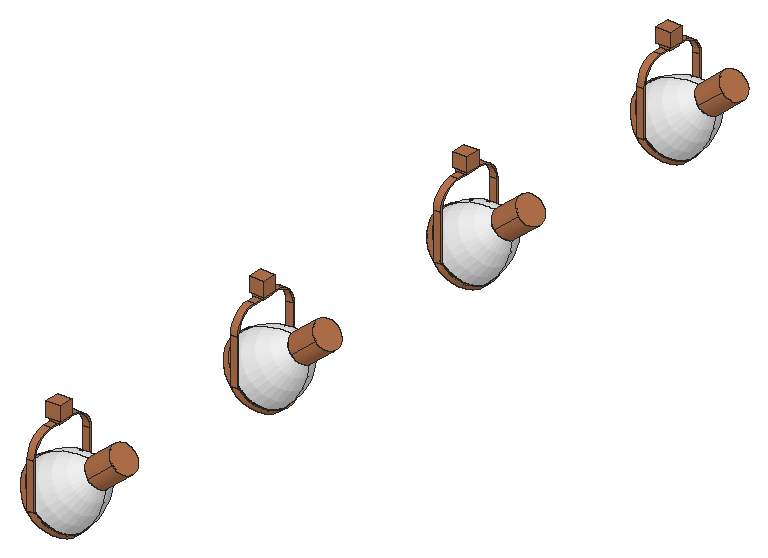
Revit family "Parametric_Track_Lighting_13968", category Lighting Fixtures, host Ceiling, Revit 2013
Parameters
  Wattage = 0 W
  built-in parameter 1150110 = 1 (stored number, unit not read)
  built-in parameter 1114217 = 1 (stored number, unit not read)
  built-in parameter 1150109 = 1 (stored number, unit not read)
  built-in parameter 1150134 = 3
  built-in parameter 1150113 = 1 (stored number, unit not read)
  built-in parameter 1150105 = (empty or 0)
  Lumens = 0 lm
  built-in parameter 1150115 = 1 (stored number, unit not read)
  Load Classification = Ltg
  Light Type = "REF"
  Light Spacing [instance] = 1' - 6"
  Light Source Symbol Size = 2' - 0"
  built-in parameter 1150137 = (empty or 0)
  built-in parameter 1150139 = (empty or 0)
  Length of Track [instance] = 6' - 0"
  built-in parameter 1150112 = 1 (stored number, unit not read)
  built-in parameter 1150114 = 1 (stored number, unit not read)
  built-in parameter 1150132 = 2
  built-in parameter 1150102 = (empty or 0)
  built-in parameter 1150107 = 3200 (stored number, unit not read)
  built-in parameter 1150138 = (empty or 0)
  built-in parameter 1150106 = (empty or 0)
  built-in parameter 1150104 = 13.8 (stored number, unit not read)
  Dimming Lamp Color Temperature Shift = (empty or 0)
  Color Filter = 16777215
  built-in parameter 1114218 = 1 (stored number, unit not read)
  built-in parameter 1150133 = 10 (stored number, unit not read)
  Assembly Code = ""
  Array Offset [instance] = Light Spacing / 2  # 0' - 9"
  Apparent Load = 100 VA
  # of Lights [instance] = Length of Track / Light Spacing  # 4
Reference planes (in)
  plane 1 "Light Source Axis (F/B)": y = -167.93011
  plane 2 "Ceiling": z = 96
  plane 3 "Light Source Axis (L/R)": x = 0
  plane 4 "Light Source Elevation": z = 92
  plane 5: y = -95.93011
  plane 6: y = -158.93011
Lines and regions (in)
  symbolic lines, style "Lighting Symbols"
    curve 1: line (-1, -167.93011, 0) -> (1, -167.93011, 0)
    curve 2: line (-1, -95.93011, 0) -> (-1, -167.93011, 0)
    curve 3: line (1, -167.93011, 0) -> (1, -95.93011, 0)
    curve 4: line (-3, -167.93011, 0) -> (3, -167.93011, 0)
    curve 5: line (-3, -166.93011, 0) -> (-3, -167.93011, 0)
    curve 6: line (3, -166.93011, 0) -> (-3, -166.93011, 0)
    curve 7: line (3, -167.93011, 0) -> (3, -166.93011, 0)
    curve 8: line (-3, -95.93011, 0) -> (3, -95.93011, 0)
    curve 9: line (-3, -96.93011, 0) -> (-3, -95.93011, 0)
    curve 10: line (3, -96.93011, 0) -> (-3, -96.93011, 0)
    curve 11: line (3, -95.93011, 0) -> (3, -96.93011, 0)
Dimensions and locks (in)
  equal spacing: host sketch curve, plane 3 "Light Source Axis (L/R)", host sketch curve
  equal spacing: host sketch curve, plane 1 "Light Source Axis (F/B)", host sketch curve
  host sketch curve to host sketch curve = 10' - 0"  (x2)
  equal spacing: host ceiling, plane 1 "Light Source Axis (F/B)", host ceiling, locked at 60 each
  equal spacing: host ceiling, plane 3 "Light Source Axis (L/R)", host ceiling, locked at 60 each
  "Length of Track": plane 1 "Light Source Axis (F/B)" to plane 5
  "Array Offset": plane 6 to plane 1 "Light Source Axis (F/B)"
  equal spacing: group 1, group 2, group 3, group 4  (x3)
  "Light Spacing": nested 2 to nested 1
  "Array Offset": plane 1 "Light Source Axis (F/B)" to plane 6
  aligned and locked: plane 1 "Light Source Axis (F/B)" to curve 1
  aligned and locked: plane 5 to curve 3
  aligned and locked: nested 1 to plane 6
  aligned and locked: imposter light to plane 3 "Light Source Axis (L/R)"
  aligned and locked: plane 1 "Light Source Axis (F/B)" to imposter light
  aligned and locked: plane 4 "Light Source Elevation" to imposter light
Automatic sketch dimensions
  curve 5 to plane 1 "Light Source Axis (F/B)" = 0' - 0"
  curve 6 to plane 1 "Light Source Axis (F/B)" = 0' - 1"
  curve 6 to plane 3 "Light Source Axis (L/R)" = 0' - 3"
  plane 3 "Light Source Axis (L/R)" to curve 1 = 0' - 1"
  curve 1 to curve 6 = 0' - 2"
  plane 5 to curve 10 = 0' - 1"
  curve 10 to plane 3 "Light Source Axis (L/R)" = 0' - 3"
  curve 2 to plane 3 "Light Source Axis (L/R)" = 0' - 1"
  curve 3 to curve 10 = 0' - 2"
Nested families (in)
  nested 1: "Gimble_Ring_Track_Head_6214" at (0, -158.93011, 36.04159), type "Gimble_Ring_Track_Head_6214"
  nested 2: "Gimble_Ring_Track_Head_6214" at (0, -140.93011, 36.04159), type "Gimble_Ring_Track_Head_6214"
  nested 3: "Gimble_Ring_Track_Head_6214" at (0, -122.93011, 36.04159), type "Gimble_Ring_Track_Head_6214"
  nested 4: "Gimble_Ring_Track_Head_6214" at (0, -104.93011, 36.04159), type "Gimble_Ring_Track_Head_6214"
Connectors (in)
  electrical at (0, -167.93011, 96), driven by "Load Classification"
    settings: on host ceiling, index 1, voltage 230 V, apparent load 0 VA, apparent load phase1 100 VA, apparent load phase2 0 VA, apparent load phase3 0 VA, power factor 0.9, load classification "Ltg", number of poles 1, system type 31, power factor state 1, is connector primary yes, connector utility no, sub classification motor no, connector description ""
Definition of nested family "Gimble_Ring_Track_Head_6214"
  Parameters (values of type "Gimble_Ring_Track_Head_6214")
    Wattage = 12.1178 W
    built-in parameter 1150110 = 1 (stored number, unit not read)
    built-in parameter 1114217 = 1 (stored number, unit not read)
    Tilt Angle = 60.00°
    built-in parameter 1150109 = 1 (stored number, unit not read)
    built-in parameter 1150134 = 3
    built-in parameter 1150113 = 1 (stored number, unit not read)
    built-in parameter 1010507 = 1.5708 (stored number, unit not read)
    built-in parameter 1010506 = 0.5236 (stored number, unit not read)
    built-in parameter 1150105 = 6018.4 (stored number, unit not read)
    Lumens = 1800 lm
    built-in parameter 1150115 = 1 (stored number, unit not read)
    Light Source Symbol Length = 10' - 0"
    built-in parameter 1150137 = (empty or 0)
    built-in parameter 1150139 = (empty or 0)
    Light Body = Light Body
    built-in parameter 1150112 = 1 (stored number, unit not read)
    built-in parameter 1150114 = 1 (stored number, unit not read)
    built-in parameter 1150132 = 2
    built-in parameter 1150102 = (empty or 0)
    built-in parameter 1150107 = 3200 (stored number, unit not read)
    built-in parameter 1150138 = (empty or 0)
    built-in parameter 1150106 = 60.184 (stored number, unit not read)
    built-in parameter 1150104 = 13.8 (stored number, unit not read)
    Dimming Lamp Color Temperature Shift = (empty or 0)
    Color Filter = 16777215
    built-in parameter 1114218 = 1 (stored number, unit not read)
    built-in parameter 1150133 = 10 (stored number, unit not read)
  Reference planes (in)
    plane 1 "Light Source Axis (F/B)": y = 0
    plane 2: z = 0
    plane 3 "Light Source Axis (L/R)": x = 0
    plane 4 "Light Source Elevation": z = 54
    plane 5 "Top": z = 60
  Forms (in)
    Extrusion 1, solid, material "Light Body" <- "Light Body"
      sketch origin (0.19032, 0, 60) x (1, 0, 0) y (0, 1, 0)
        loop
          line (0.5, 0.5) -> (-0.5, 0.5) -> (-0.5, -0.5) -> (0.5, -0.5) -> (0.5, 0.5)
      from 0 to -1
    Extrusion 2, solid, material "Light Body" <- "Light Body"
      sketch origin (0.19032, 0, 60) x (1, 0, 0) y (0, 1, 0)
        loop
          line (0.375, 0.375) -> (-0.375, 0.375) -> (-0.375, -0.375) -> (0.375, -0.375) -> (0.375, 0.375)
      from -1 to -1.25
    Sweep 3, solid, material "Light Body" <- "Light Body"
      path origin (0.19032, 0, 0) x (0, -1, 0) y (0, 0, 1)
        loop
          line (-2.5, 54) -> (-2.5, 57.25)
          arc (-2.5, 57.25) -> (-2.06066, 58.31066) -> (-1, 58.75) r 1.5
          line (-1, 58.75) -> (1, 58.75)
          arc (1, 58.75) -> (2.06066, 58.31066) -> (2.5, 57.25) r 1.5
          line (2.5, 57.25) -> (2.5, 54)
      profile origin (0.19032, 2.5, 55.625) x (0, 1, 0) y (-1, 0, 0)
        loop
          line (0, 0.25) -> (-0.0625, 0.25) -> (-0.0625, -0.25) -> (0, -0.25) -> (0, 0.25)
    Sweep 4, solid, material "Light Body" <- "Light Body"
      path origin (34.90085, 0, 12.6336) x (0, -1, 0) y (-0.642788, 0, 0.766044)
        loop
          circle (0, 54) r 2.4375
      profile origin (-1.37647, 0, 55.86723) x (0.642788, 0, -0.766044) y (-0.766044, 0, -0.642788)
        loop
          line (0, -0.25) -> (0, 0.25) -> (-0.05063, 0.25) -> (-0.05063, -0.25) -> (0, -0.25)
    Extrusion 5, solid, material "Light Body" <- "Light Body"
      sketch origin (34.90085, 0, 12.6336) x (0, -1, 0) y (-0.642788, 0, 0.766044)
        loop
          circle (0, 54) r 1
      from -6 to -3.75
    Revolve 6, solid, material "Lighting - Lamp Reflector"
      sketch origin (34.90085, 0, 12.6336) x (0.766044, 0, 0.642788) y (-0.642788, 0, 0.766044)
        loop
          arc (0.24608, 51.57437) -> (2.07979, 52.00353) -> (3.62468, 53.08055) r 5
          line (3.62468, 53.08055) -> (3.75, 53.08055) -> (3.75, 53.14305) -> (3.59822, 53.14305)
          arc (3.59822, 53.14305) -> (2.06692, 52.06624) -> (0.24481, 51.63687) r 4.9375
          line (0.24481, 51.63687) -> (-0.25, 51.63687) -> (-0.25, 51.57437) -> (0.24608, 51.57437)
        axis (3.75, 54) -> (-0.25, 54)
      angle from 0 to 360
    Revolve 7, solid, material "Glass"
      sketch origin (34.90085, 0, 12.6336) x (0.766044, 0, 0.642788) y (-0.642788, 0, 0.766044)
        loop
          line (0.25, 51.57437) -> (0.25, 51.63687) -> (-0.2139, 51.63687)
          arc (-0.2139, 51.63687) -> (-0.70788, 52.77794) -> (-0.93733, 54) r 5.58845
          line (-0.93733, 54) -> (-1, 54)
          arc (-1, 54) -> (-0.76299, 52.74452) -> (-0.25, 51.57437) r 5.65095
          line (-0.25, 51.57437) -> (0.25, 51.57437)
        axis (0.25, 54) -> (-1, 54)
      angle from 0 to 360
  Lines and regions (in)
    symbolic lines, style "Lighting Symbols"
      curve 1: line (-0.30968, 0, 54) -> (-5.42938, 3.58485, 54)
      curve 2: line (-0.30968, 0, 54) -> (-5.42938, -3.58485, 54)
      curve 3: line (-5.42938, 3.58485, 54) -> (-5.42938, -3.58485, 54)
  Dimensions and locks (in)
    aligned and locked: Extrusion 2 to Extrusion 1
    aligned and locked: plane 5 "Top" to Extrusion 1
    aligned and locked: Sweep 3 sketch curve to Extrusion 2
    aligned and locked: imposter light to plane 3 "Light Source Axis (L/R)"
    aligned and locked: plane 1 "Light Source Axis (F/B)" to imposter light
    aligned and locked: plane 4 "Light Source Elevation" to imposter light
